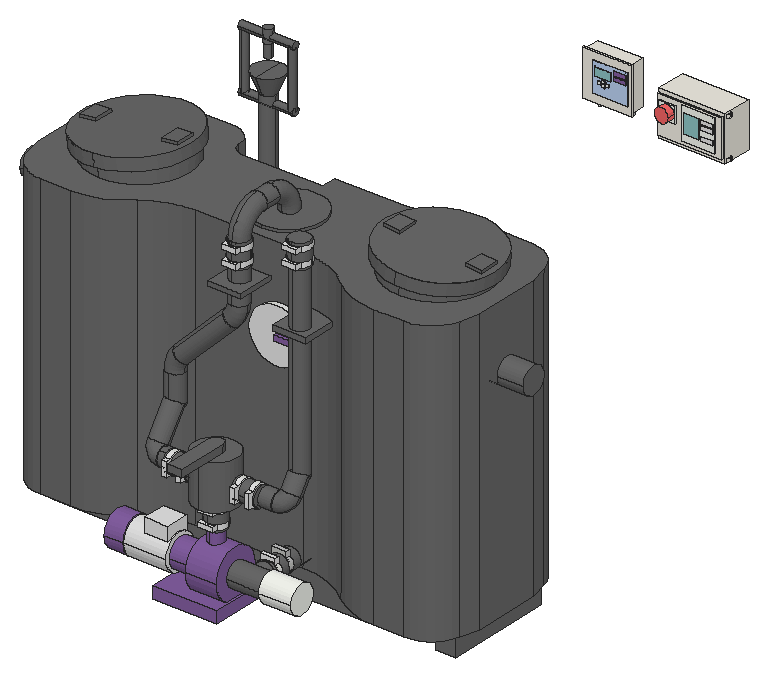
Revit family "93004.02_ms", category Generic Models, Revit 2021 (continued)
Definition of nested family "93004.02_ms_part3_X0Y0"
  Definition of nested family "93004.02_ms_part3_content"
    Forms (mm)
      Extrusion 44, solid, detail levels medium+fine
        sketch origin (611.473, 0, 1071.551) x (0, 1, 0) y (-0.996195, 0, 0.087156)
          loop
            circle (0, 0) r 211
        from 0 to 281.5
      Extrusion 45, solid, detail levels medium+fine
        sketch origin (636, 0, 1351.8) x (0, 1, 0) y (-0.996195, 0, 0.087156)
          loop
            circle (0, 0) r 233
        from 0 to 51
      Extrusion 46, solid, detail levels medium+fine
        sketch origin (501, 41, 1414.8) x (0, -1, 0) y (0.087156, 0, 0.996195)
          loop
            line (0, 12) -> (0, 0) -> (82, 0) -> (82, 12) -> (0, 12)
        from 0 to 66
      Extrusion 47, solid, detail levels medium+fine
        sketch origin (780, -41, 1390.3) x (0, 1, 0) y (0.087156, 0, 0.996195)
          loop
            line (0, 12) -> (0, 0) -> (82, 0) -> (82, 12) -> (0, 12)
        from 0 to 66
      Extrusion 48, solid, detail levels medium+fine
        sketch origin (-611.473, 0, 1071.551) x (0, -1, 0) y (0.996195, 0, 0.087156)
          loop
            circle (0, 0) r 211
        from 0 to 281.5
      Extrusion 49, solid, detail levels medium+fine
        sketch origin (-636, 0, 1351.5) x (0, -1, 0) y (0.996195, 0, 0.087156)
          loop
            circle (0, 0) r 233
        from 0 to 51
      Extrusion 50, solid, detail levels medium+fine
        sketch origin (-501, -41, 1414.5) x (0, 1, 0) y (-0.087156, 0, 0.996195)
          loop
            line (0, 12) -> (0, 0) -> (82, 0) -> (82, 12) -> (0, 12)
        from 0 to 66
      Extrusion 51, solid, detail levels medium+fine
        sketch origin (-780, 41, 1390) x (0, -1, 0) y (-0.087156, 0, 0.996195)
          loop
            line (0, 12) -> (0, 0) -> (82, 0) -> (82, 12) -> (0, 12)
        from 0 to 66
      Extrusion 52, solid, detail levels medium+fine
        sketch origin (-399, -183.5, 0) x (0, 1, 0) y (0, 0, 1)
          loop
            line (1, 113) -> (1, 0) -> (449, 0) -> (449, 113) -> (1, 113)
        from 0 to 1000
      Extrusion 53, solid, detail levels medium+fine
        sketch origin (936, 0, 1030) x (0, 1, 0) y (0, 0, 1)
          loop
            circle (0, 0) r 55
        from -98 to 98
      Extrusion 54, solid, detail levels medium+fine
        sketch origin (-936.1, 0, 1113) x (0, -1, 0) y (0, 0, 1)
          loop
            circle (0, 0) r 55
        from 0 to 151.5
      Extrusion 55, solid, detail levels medium+fine
        sketch origin (-110, 215, 1148.5) x (0, 0, -1) y (1, 0, 0)
          loop
            circle (0, 0) r 31.5
        from 0 to 12.5
      Revolve 56, solid, detail levels medium+fine
        sketch origin (-110, 215, 1148.5) x (0, 0, -1) y (-1, 0, 0)
          loop
            circle (0, 0) r 31.5
          axis (60, 0) -> (60, -1)
        angle from -90 to 0
      Extrusion 57, solid, detail levels medium+fine
        sketch origin (154.75, -214.5, 135) x (0, 0, -1) y (1, 0, 0)
          loop
            circle (0, 0) r 42
        from -100 to 100
      Extrusion 58, solid, detail levels medium+fine
        sketch origin (154.75, -224.5, 135) x (0, 0, -1) y (1, 0, 0)
          loop
            line (-56, -30) -> (-33.541, -30)
            arc (-33.541, -30) -> (45, 0) -> (-33.541, 30) r 45
            line (-33.541, 30) -> (-56, 30) -> (-56, -30)
        from 0 to 20
      Extrusion 59, solid, detail levels medium+fine
        sketch origin (154.75, -383, 135) x (-1, 0, 0) y (0, 0, 1)
          loop
            circle (0, 0) r 40
        from 0 to 193.5
      Extrusion 60, solid, detail levels medium+fine
        sketch origin (154.75, -284.5, 135) x (0, 0, -1) y (1, 0, 0)
          loop
            circle (0, 0) r 45
        from 0 to 20
      Extrusion 61, solid, detail levels medium+fine
        sketch origin (184.75, -304.5, 166) x (0, 1, 0) y (-1, 0, 0)
          loop
            line (0, 60) -> (0, 0) -> (20, 0) -> (20, 60) -> (0, 60)
        from 0 to 25
      Extrusion 62, solid, detail levels medium+fine
        sketch origin (82.5, -383, 135) x (0, 1, 0) y (0, 0, 1)
          loop
            circle (0, 0) r 50
        from 0 to 144.5
      Extrusion 63, solid, detail levels medium+fine
        sketch origin (-47, -383, 135) x (0, 1, 0) y (0, 0, 1)
          loop
            circle (0, 0) r 101
        from 0 to 129.5
      Extrusion 64, solid, detail levels medium+fine
        sketch origin (0, -383, 284) x (-1, 0, 0) y (0, 1, 0)
          loop
            circle (0, 0) r 31.5
        from 0 to 149
      Extrusion 65, solid, detail levels medium+fine
        sketch origin (-152, -383, 135) x (0, 1, 0) y (0, 0, 1)
          loop
            circle (0, 0) r 60
        from 0 to 105
      Extrusion 66, solid, detail levels medium+fine
        sketch origin (97.5, -269, 0) x (0, -1, 0) y (0, 0, 1)
          loop
            line (0, 48) -> (0, 0) -> (230, 0) -> (230, 48) -> (0, 48)
        from 0 to 272
      Extrusion 67, solid, detail levels medium+fine
        sketch origin (0, -383, 284) x (0, 1, 0) y (-1, 0, 0)
          loop
            circle (0, 0) r 42
        from 0 to 100
      Extrusion 68, solid, detail levels medium+fine
        sketch origin (0, -383, 294) x (0, 1, 0) y (-1, 0, 0)
          loop
            circle (0, 0) r 45
        from 0 to 20
      Extrusion 69, solid, detail levels medium+fine
        sketch origin (0, -383, 354) x (0, 1, 0) y (-1, 0, 0)
          loop
            circle (0, 0) r 45
        from 0 to 20
      Extrusion 70, solid, detail levels medium+fine
        sketch origin (-30, -414, 314) x (0, 0, -1) y (1, 0, 0)
          loop
            line (0, 60) -> (0, 0) -> (20, 0) -> (20, 60) -> (0, 60)
        from 0 to 25
      Extrusion 71, solid, detail levels medium+fine
        sketch origin (-30, -414, 374) x (0, 0, -1) y (1, 0, 0)
          loop
            line (0, 60) -> (0, 0) -> (20, 0) -> (20, 60) -> (0, 60)
        from 0 to 25
      Extrusion 72, solid, detail levels medium+fine
        sketch origin (227, -383, 135) x (0, 1, 0) y (0, 0, 1)
          loop
            circle (0, 0) r 58.5
        from 0 to 135.5
      Extrusion 73, solid, detail levels medium+fine
        sketch origin (-333, -383, 135) x (0, 1, 0) y (0, 0, 1)
          loop
            circle (0, 0) r 73.5
        from 0 to 181
      Extrusion 74, solid, detail levels medium+fine
        sketch origin (-262, -433, 188.5) x (0, 1, 0) y (0, 0, 1)
          loop
            line (0, 60) -> (0, 0) -> (100, 0) -> (100, 60) -> (0, 60)
        from 0 to 100
      Extrusion 75, solid, detail levels medium+fine
        sketch origin (-413, -383, 135) x (0, 1, 0) y (0, 0, 1)
          loop
            circle (0, 0) r 73.5
        from 0 to 80
      Extrusion 76, solid, detail levels medium+fine
        sketch origin (-68, -340.2, 1148.3) x (0, 1, 0) y (0, 0, 1)
          loop
            line (0, 20.5) -> (0, 0) -> (206.7, 0) -> (206.7, 20.5) -> (0, 20.5)
        from 0 to 138
      Extrusion 77, solid, detail levels medium+fine
        sketch origin (0, -260, 1080.432) x (0, 1, 0) y (-1, 0, 0)
          loop
            circle (0, 0) r 37.5
        from 0 to 234.57
      Extrusion 78, solid, detail levels medium+fine
        sketch origin (0, -260, 1231.5) x (0, 1, 0) y (-1, 0, 0)
          loop
            circle (0, 0) r 45
        from 0 to 20
      Extrusion 79, solid, detail levels medium+fine
        sketch origin (0, -260, 1221.5) x (0, 1, 0) y (-1, 0, 0)
          loop
            circle (0, 0) r 42
        from 0 to 100
      Extrusion 80, solid, detail levels medium+fine
        sketch origin (0, -260, 1291.5) x (0, 1, 0) y (-1, 0, 0)
          loop
            circle (0, 0) r 45
        from 0 to 20
      Extrusion 81, solid, detail levels medium+fine
        sketch origin (-30, -291, 1251.5) x (0, 0, -1) y (1, 0, 0)
          loop
            line (0, 60) -> (0, 0) -> (20, 0) -> (20, 60) -> (0, 60)
        from 0 to 25
      Extrusion 82, solid, detail levels medium+fine
        sketch origin (-30, -291, 1311.5) x (0, 0, -1) y (1, 0, 0)
          loop
            line (0, 60) -> (0, 0) -> (20, 0) -> (20, 60) -> (0, 60)
        from 0 to 25
      Revolve 83, solid, detail levels medium+fine
        sketch origin (0, -260, 1315) x (0, 1, 0) y (-1, 0, 0)
          loop
            circle (0, 0) r 37.5
          axis (100, 0) -> (100, -1)
        angle from -90 to 0
      Extrusion 84, solid, detail levels medium+fine
        sketch origin (766, -183.5, 0) x (0, 1, 0) y (0, 0, 1)
          loop
            line (0, 113) -> (0, 0) -> (450, 0) -> (450, 113) -> (0, 113)
        from 0 to 86.5
      Extrusion 85, solid, detail levels medium+fine
        sketch origin (0, 0, 1305) x (0, 1, 0) y (-1, 0, 0)
          loop
            circle (0, 0) r 140
        from 0 to 10
      Revolve 86, solid, detail levels medium+fine
        sketch origin (0, 5.5, 1315) x (0, -1, 0) y (1, 0, 0)
          loop
            circle (0, 0) r 37.5
          axis (100, 0) -> (100, -1)
        angle from -90 to 0
      Extrusion 87, solid, detail levels medium+fine
        sketch origin (0, -160, 1415) x (-1, 0, 0) y (0, 0, 1)
          loop
            circle (0, 0) r 37.5
        from 0 to 65.5
      Extrusion 88, solid, detail levels coarse
        sketch origin (-26.8, -128.835, 0) x (1, 0, 0) y (0, 1, 0)
          loop
            line (-1060.8, -470.165) -> (1060.8, -470.165) -> (1060.8, 470.165) -> (-1060.8, 470.165) -> (-1060.8, -470.165)
        from 0 to 1772.9
    Dimensions and locks
      aligned and locked: level to plane 2
